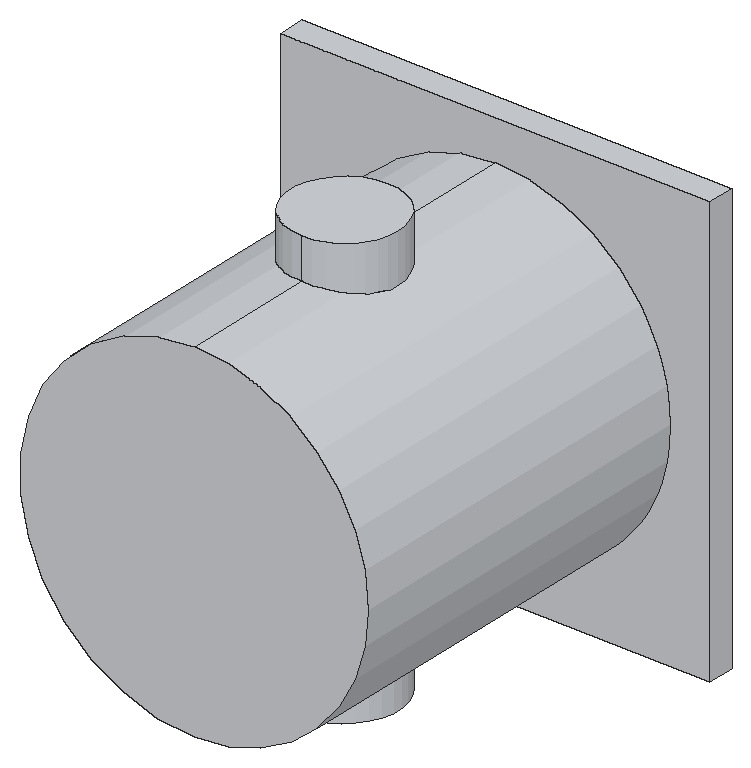
Revit family "EI_Leerdose_V1700", category Elektroinstallationen, Revit 2017
Family settings
  Beschriftungsausrichtung beibehalten = Nein
  Bemaßung runder Anschluss = Durchmesser verwenden
  Teiletyp = Normal
  OmniClass-Nummer = 23.80.00.00
  OmniClass-Titel = Electric Power and Lighting
  Arbeitsebenenbasiert = Nein
  Immer vertikal = Ja
  Beim Laden mit Abzugskörper schneiden = Ja
  Gemeinsam genutzt = Nein
  Raumberechnungspunkt = Nein
Parameters (values of type "Hohlraumboden")
  pbr_Material_KZ = ""
  pbr_Material = none
  pbr_E_Typ = ""
  pbr_E_KZ = ""
  pbr_DINBild = 0
  pbr_Bild = 0
  pbr_3Dx_Delta_Korrekturversatz [instance] = 0 mm
  pbr_3DX_Versatzfaktor [instance] = 0
  pbr_2DY_Versatzfaktor [instance] = 0
  pbr_2DX_Versatzfaktor [instance] = 0
  cpiFitMatchKey [instance] = "E_D LD"
  Zentrale [instance] = ""
  Wirkleistung [instance] = 0 W
  UT-Leerdose für Hohlraumboden = yes
  Typ [instance] = ""
  Text3 [instance] = ""
  Text2 [instance] = ""
  Text1 [instance] = ""
  Spannung [instance] = 0
  Scheinleistung [instance] = 0 VA
  Schaltgruppe2 [instance] = 0
  Schaltgruppe1 [instance] = 0
  Polig [instance] = 1
  Planungsbüro Rohling = "www.pbr.de"
  Nennstrom [instance] = 0
  Menge(Dosenzahl) [instance] = 0
  Linie/Anschluss [instance] = ""
  Leistungsfaktor [instance] = 0
  Lastklassifizierung = none
  Installationsart [instance] = ""
  Info [instance] = ""
  Gleichzeitigkeitsfaktor3 [instance] = 0
  Gleichzeitigkeitsfaktor2 [instance] = 0
  Gleichzeitigkeitsfaktor1 [instance] = 0
  Gewerk [instance] = "Steck"
  Eckversatz [instance] = 0 mm
  YFrontversatz [instance] = if(pbr_2DY_Versatzfaktor = 300, 0 mm, pbr_2DY_Versatzfaktor * 300 mm)  # 0 mm
  XSeitenversatz [instance] = if(pbr_2DX_Versatzfaktor = 0, 3000 mm, 3000 mm + (pbr_2DX_Versatzfaktor * 300 mm)) + Eckversatz  # 3000 mm
  X3Dversatz [instance] = if([3DX_Versatzkontrolle] = 0, 2000 mm, 2000 mm + ([3DX_Versatzkontrolle] * (300 mm - 80 mm))) + pbr_3Dx_Delta_Korrekturversatz  # 2000 mm
  Steckdosenradius = 20 mm
  R_Leerrohranschluss = 10 mm
  Niveau [instance] = 300 mm
  Dosentiefe = 70 mm  # constant formula
  Dosenradius = 65 mm / 2  # 32.5 mm
  D_Leerrohranschluss = 2 * R_Leerrohranschluss  # 20 mm
  Anlaufstrom [instance] = 0
  3DX_Versatzkontrolle [instance] = if(pbr_3DX_Versatzfaktor = 0, (pbr_2DX_Versatzfaktor * -1), (((-1 * pbr_3DX_Versatzfaktor) + pbr_2DX_Versatzfaktor) * -1))  # 0
Reference planes
  plane 1 "Mitte (Vorne/Hinten)": y = 0
  plane 2: z = 0
  plane 3 "Mitte (Links/Rechts)": x = 0
  plane 4: x = -125
  plane 5: x = 125
  plane 6: y = 300
  plane 7 "Schalterhinten": y = 0
  plane 8: x = -3000
  plane 9: x = 0
  plane 10: x = -2000
  plane 11: x = -40
  plane 12: x = 40
  plane 13: z = 340
  plane 14: z = 260
  plane 15 "SchalterVorne": y = 5
  plane 16 "3DSchalterMitte": x = 0
  plane 17: z = 300
  plane 18: y = -70
  plane 19: y = -35
  plane 20 "Mitte 2D Symbol": y = 150
Forms (mm)
  Extrusion 1, solid
    sketch origin (0, 20, 0) x (0, 0, 1) y (-1, 0, 0)
      loop
        line (260, 40) -> (260, -40) -> (340, -40) -> (340, 40) -> (260, 40)
    from 15 to 20
  Sweep 2, solid
    path origin (0, 0, 0) x (0, 0, 1) y (0, -1, 0)
      loop
        line (300, 0) -> (300, 70)
    profile origin (0, -35, 300) x (0, 0, -1) y (1, 0, 0)
      loop
        circle (0, 0) r 32.5
  Sweep 3, solid
    path origin (0, 0, 0) x (0, 0, 1) y (0, -1, 0)
      loop
        line (260, 35) -> (340, 35)
    profile origin (0, -35, 300) x (0, -1, 0) y (1, 0, 0)
      loop
        circle (0, 0) r 10
Cuts and joins
  joined: Extrusion 1, Sweep 2, Sweep 3
Lines and regions (mm)
  model lines, not visible
    curve 1: line (-125, 0, 0) -> (125, 0, 0)
    curve 2: line (-125, 300, 0) -> (-125, 0, 0)
    curve 3: line (125, 300, 0) -> (-125, 300, 0)
    curve 4: line (125, 0, 0) -> (125, 300, 0)
Dimensions and locks
  plane 4 to plane 5 = 250 mm
  plane 6 to plane 7 "Schalterhinten" = 300 mm
  equal spacing: plane 4, plane 9, plane 5, locked at 125 each
  "XSeitenversatz": plane 8 to plane 9
  plane 8 to plane 3 "Mitte (Links/Rechts)" = 3000 mm
  "YFrontversatz": plane 1 "Mitte (Vorne/Hinten)" to plane 7 "Schalterhinten"
  plane 12 to plane 11 = 80 mm
  plane 13 to plane 14 = 80 mm
  plane 9 to plane 10 = 2000 mm
  equal spacing: plane 12, plane 16 "3DSchalterMitte", plane 11
  "X3Dversatz": plane 16 "3DSchalterMitte" to plane 10
  equal spacing: plane 13, plane 17, plane 14
  "Niveau": plane 17 to level
  "Dosentiefe": plane 1 "Mitte (Vorne/Hinten)" to plane 18
  plane 15 "SchalterVorne" to plane 1 "Mitte (Vorne/Hinten)" = 5 mm
  equal spacing: plane 18, plane 19, plane 1 "Mitte (Vorne/Hinten)"
  equal spacing: plane 6, plane 20 "Mitte 2D Symbol", plane 7 "Schalterhinten"
  "Dosenradius": radius of Sweep 2 sketch curve
  "R_Leerrohranschluss": radius of Sweep 3 sketch curve
  aligned and locked: level to plane 2
  aligned and locked: curve 1 to plane 7 "Schalterhinten"
  aligned and locked: curve 2 to plane 4
  aligned and locked: curve 3 to plane 6
  aligned and locked: plane 5 to curve 4
  aligned and locked: plane 14 to Extrusion 1 sketch curve
  aligned and locked: Extrusion 1 sketch curve to plane 11
  aligned and locked: Extrusion 1 sketch curve to plane 13
  aligned and locked: plane 12 to Extrusion 1 sketch curve
  aligned and locked: plane 1 "Mitte (Vorne/Hinten)" to Extrusion 1
  aligned and locked: Extrusion 1 to plane 15 "SchalterVorne"
  aligned and locked: nested 1 to plane 9
Automatic sketch dimensions
  Sweep 3 sketch curve to plane 14 = 0 mm
  plane 13 to Sweep 3 sketch curve = 0 mm
  Sweep 3 sketch curve to plane 19 = 0 mm
  Sweep 3 sketch curve to plane 16 "3DSchalterMitte" = 0 mm
  Sweep 3 sketch curve to profile plane = 0 mm
  Sweep 2 sketch curve to plane 17 = 0 mm
  Sweep 2 sketch curve to plane 1 "Mitte (Vorne/Hinten)" = 0 mm
  Sweep 2 sketch curve to plane 18 = 0 mm
  Sweep 2 sketch curve to plane 16 "3DSchalterMitte" = 0 mm
  Sweep 2 sketch curve to profile plane = 0 mm
Nested families
  nested 1: "UT-Leerdose für Hohlraumboden" at (0, 0, 0), visible <- "UT-Leerdose für Hohlraumboden", type "UT-Leerdose für Hohlraumboden"
Connectors
  electrical at (0, -35, 340)
    settings: on cut or joined group of Extrusion 1, Sweep 2, Sweep 3, index 1, voltage 230 V, apparent load 0 VA, apparent load phase1 200 VA, apparent load phase2 0 VA, apparent load phase3 0 VA, power factor 1, load classification "Steckdose", number of poles 1, system type 31, power factor state 1, is connector primary yes, connector utility no, sub classification motor no, connector description ""
  cabletrayconduit at (0, -35, 340), diameter 20, driven by "D_Leerrohranschluss"
    settings: on cut or joined group of Extrusion 1, Sweep 2, Sweep 3, index 2, connector width 300 mm, connector height 300 mm, connector angle 0.00°, system type 32, placement type 0, profile type 0, connector reference index -1, is primary connector yes, connector utility param no, connector description ""
  cabletrayconduit at (0, -35, 260), diameter 20, driven by "D_Leerrohranschluss"
    settings: on cut or joined group of Extrusion 1, Sweep 2, Sweep 3, index 3, connector width 300 mm, connector height 300 mm, connector angle 0.00°, system type 32, placement type 0, profile type 0, connector reference index -1, is primary connector no, connector utility param no, connector description ""
Definition of nested family "UT-Leerdose für Hohlraumboden"
  Parameters (values of type "UT-Leerdose für Hohlraumboden")
    Z = yes
  Reference planes
    plane 1 "Mitte (Vorne/Hinten)": y = 0
    plane 2: z = 0
    plane 3 "Mitte (Links/Rechts)": x = 0
    plane 4: y = -0.06
    plane 5: x = 0.044
  Lines and regions (mm)
    Filled region 1, type "Beton", in view "Referenzebene", visible <- "Z"
      outline origin (-2133.348, -1031.281, 0) x (1, 0, 0) y (0, 1, 0)
        loop
          line (2073.449, 1120.011) -> (2073.449, 1099.19) -> (2173.479, 1099.19) -> (2063.348, 963.19) -> (2063.348, 942.626) -> (2203.348, 942.626) -> (2203.348, 963.19) -> (2090.349, 963.19) -> (2200.481, 1099.19) -> (2200.481, 1120.011) -> (2073.449, 1120.011)
    detail lines, in view "Referenzebene"
      curve 1: circle (4.925, -11.542, 0) r 147.716 normal (0, 0, 1)
      curve 2: circle (4.925, -11.542, 0) r 175 normal (0, 0, 1)
